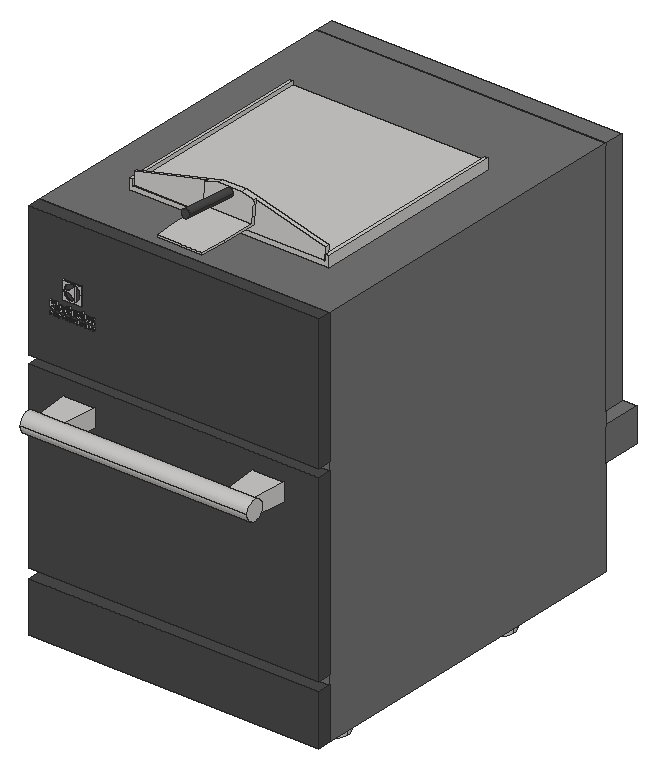
Revit family "QF_ELECTROLUXPROFESSIONAL_603952_EPRPROBTD", category Specialty Equipment, Revit 2023 (continued)
Definition of nested family "ELX_Logo_Professional"
  Lines and regions (mm)
    symbolic lines
      curve 243: arc (15.15, -22.405, 0) -> (13.862, -23.694, 0) -> (12.573, -22.405, 0) r 1.288
      curve 244: arc (12.573, -22.405, 0) -> (13.862, -21.117, 0) -> (15.15, -22.405, 0) r 1.288
      curve 245: arc (15.926, -22.405, 0) -> (13.862, -20.34, 0) -> (11.797, -22.405, 0) r 2.065
      curve 246: line (19.217, -20.436, 0) -> (19.217, -24.327, 0)
      curve 247: line (19.217, -24.327, 0) -> (20.048, -24.327, 0)
      curve 248: line (20.048, -24.327, 0) -> (20.048, -21.88, 0)
      curve 249: line (20.048, -21.88, 0) -> (21.828, -24.327, 0)
      curve 250: line (21.828, -24.327, 0) -> (22.628, -24.327, 0)
      curve 251: line (22.628, -24.327, 0) -> (22.628, -20.436, 0)
      curve 252: line (22.628, -20.436, 0) -> (21.797, -20.436, 0)
      curve 253: line (21.797, -20.436, 0) -> (21.797, -22.956, 0)
      curve 254: line (21.797, -22.956, 0) -> (20.017, -20.436, 0)
      curve 255: line (20.017, -20.436, 0) -> (19.217, -20.436, 0)
      curve 256: line (27.374, -20.437, 0) -> (25.781, -24.327, 0)
      curve 257: line (25.781, -24.327, 0) -> (26.64, -24.327, 0)
      curve 258: line (26.64, -24.327, 0) -> (27.018, -23.487, 0)
      curve 259: line (27.018, -23.487, 0) -> (28.458, -23.487, 0)
      curve 260: line (28.458, -23.487, 0) -> (28.836, -24.327, 0)
      curve 261: line (28.836, -24.327, 0) -> (29.695, -24.327, 0)
      curve 262: line (29.695, -24.327, 0) -> (28.174, -20.437, 0)
      curve 263: line (28.174, -20.437, 0) -> (27.374, -20.437, 0)
      curve 264: line (27.322, -22.72, 0) -> (27.739, -21.702, 0)
      curve 265: line (27.739, -21.702, 0) -> (28.137, -22.72, 0)
      curve 266: line (28.137, -22.72, 0) -> (27.322, -22.72, 0)
      curve 267: line (32.87, -20.436, 0) -> (32.87, -24.327, 0)
      curve 268: line (32.87, -24.327, 0) -> (35.166, -24.327, 0)
      curve 269: line (35.166, -24.327, 0) -> (35.166, -23.527, 0)
      curve 270: line (35.166, -23.527, 0) -> (33.67, -23.527, 0)
      curve 271: line (33.67, -23.527, 0) -> (33.67, -20.436, 0)
      curve 272: line (33.67, -20.436, 0) -> (32.87, -20.436, 0)
  Dimensions and locks
    aligned and locked: plane 2 to Extrusion 1
    aligned and locked: level to Extrusion 1
